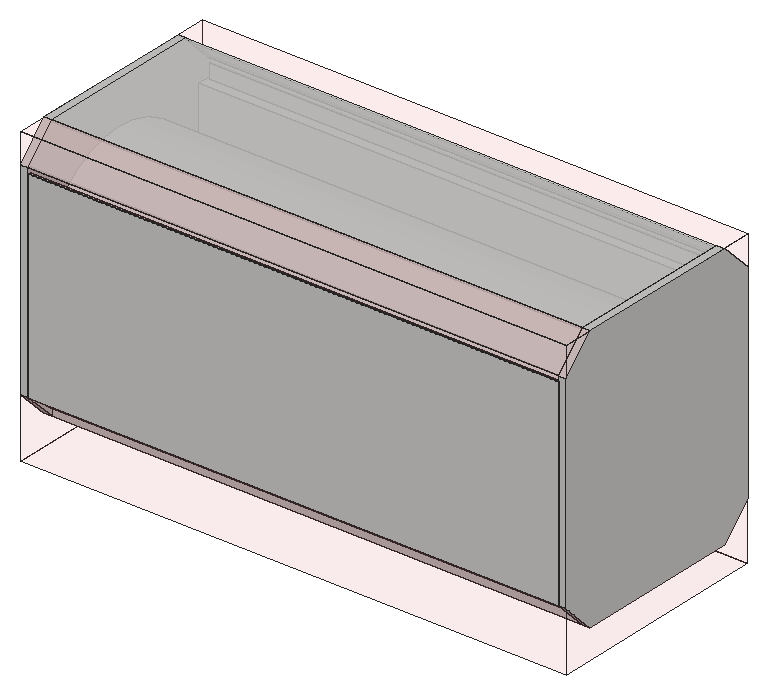
Revit family "Air-Curtain_Customer-Entry_PoweredAire_CED", category Mechanical Equipment, host Face, Revit 2018
Family settings
  Host = Face
  Round Connector Dimension = Use Diameter
  Part Type = Normal
  OmniClass Number = 23.75.35.17.21
  OmniClass Title = Air Curtains
  Cut with Voids When Loaded = No
  Shared = No
  Room Calculation Point = No
Parameters
  Warranty Duration (Years) = 0
  Unit Width Notes = "Other Widths available."  # constant formula
  Unit Width = 3' - 0"
  Unit Weight = 0
  Unit Height = 1' - 3"
  Unit Depth = 1' - 5 1/2"
  URL = "http://www.poweredaire.com/"
  Test Data = ""
  Temperature Rise_Range = "as Specified"
  Standards Conformance = "as Specified"
  Specification = "http://www.arcat.com/sdspecs/htm04/23_34_33pai.htm"
  SpecWizard = ""
  Sound Pressure = "as Specified"
  Sales Information = "http://www.poweredaire.com/contact_us"
  Revision = "R1_2016-08"
  Projection from Host [instance] = 0' - 2"
  Product Properties = ""
  Product Data = "http://www.arcat.com/arcatcos/cos47/arc47623.html"
  Power Rating = 0 W
  Outlet Volume_Range = "as Specified"
  Outlet Velocity_Range = "as Specified"
  Nozzle Width = if(1 = 1, Unit Width - 0' 1", 0' 0")  # 2' - 11"
  Mounting Width = if(1 = 1, Unit Width - 0' 0 15/16", 0' 0")  # 2' - 11 1/16"
  Mounting Height [instance] = 3' - 6"
  Motor RPM = 0
  Motor HP = 0
  Motor Count = 0
  Model = "As Specified"
  Max Height = 0' - 0"
  Manufacturer Website = "http://www.poweredaire.com/"
  Manufacturer Phone - Toll Free = "888-321-2473"
  Manufacturer Phone = "724-588-3305"
  Manufacturer Fax = "724-588-3371"
  Manufacturer Address = "109 Mortensen Rd.  Greenville, PA 16125"
  Manufacturer = "Powered Aire, Inc"
  Maintenance Schedule (Months) = 0
  Keynote = "23 34 33"
  Installation-Fabrication = ""
  Installation Phase = ""
  Include Clearance [instance] = yes
  Heating Element Load = 0 W
  HVAC_Temperature Rise [instance] = 0 °F
  HVAC_Outlet Volume [instance] = 0 CFM
  HVAC_Outlet Velocity Uniformity = 0
  HVAC_Outlet Velocity [instance] = 0 FPM
  Green Building-LEED = "http://www.arcat.com/green/clients/leed_data_47623.html"
  Front Grating Material [instance] = Metal - Steel - PoweredAire - Stainless 304 Perforated
  Frame Finish [instance] = Metal - Steel - PoweredAire - Stainless 304
  Expected Lifespan (Years) = 0
  Electrical_Wattage [instance] = Power Rating + Heating Element Load  # 0 W
  Electrical_Voltage [instance] = 0 V
  Electrical_Phase [instance] = 1
  Electrical_Frequency [instance] = 0 Hz
  Electrical_Amperage [instance] = 0 A
  Drawn By = "Sumex Design, Inc. / Robert S. Weygant, CSI, CDT, SCIP"
  Description = "Powered Aire Air Curtain as Specified"
  Default Elevation = 0' - 0"  # constant formula
  Copyright = "©Arcat Inc."
  Construction Details = "http://www.arcat.com/details/powair/prod3336.html"
  Clearance_Top [instance] = 0' - 0"
  Clearance_Side B [instance] = 0' - 0"
  Clearance_Side A [instance] = 0' - 0"
  Clearance_Intake [instance] = 0' - 0"
  Clearance_Bottom [instance] = 0' - 0"
  Clearance Material [instance] = ARCAT Clearance
  Building Codes = ""
  Available Options [instance] = "as Specified"
  Assembly Code = "D3090400"
Reference planes (in)
  plane 1 "Center (Elevation)": y = 0.13818
  plane 2: z = 0
  plane 3 "Center (Left/Right)": x = 0
  plane 4: y = 7.63818
  plane 5: y = -7.36182
  plane 6: x = -18
  plane 7: x = 18
  plane 8: z = 19.5
  plane 9 "FF": y = -41.86182
  plane 10: z = 2
  plane 11: x = 17.5
  plane 12: x = -17.5
  plane 13: y = 7.63818
  plane 14: y = -7.36182
  plane 15: x = -18
  plane 16: x = 18
  plane 17: z = 19.5
Forms (in)
  Extrusion 1, solid, material "Metal - Steel - PoweredAire - Stainless 304" <- "Frame Finish"
    sketch origin (0, 0, 0) x (0, 1, 0) y (0, 0, 1)
      loop
        line (5.69363, 2) -> (7.63818, 3.94454) -> (7.63818, 17.55546) -> (5.69363, 19.5) -> (-5.41728, 19.5) -> (-7.36182, 17.55546) -> (-7.36182, 3.94454) -> (-5.41728, 2) -> (5.69363, 2)
    from 17.5 to 18
  Extrusion 2, solid, material "Metal - Steel - PoweredAire - Stainless 304" <- "Frame Finish"
    sketch origin (0, 0, -0.5) x (0, 1, 0) y (0, 0, 1)
      loop
        circle (0.13818, 10.9739) r 6.25
      loop
        line (6.63818, 16.89427) -> (6.63818, 5.87829) -> (7.33849, 5.87829) -> (7.33849, 16.89427) -> (6.63818, 16.89427)
      loop
        line (-7.02798, 16.76927) -> (-7.02798, 5.75329) -> (-6.36182, 5.75329) -> (-6.36182, 16.76927) -> (-7.02798, 16.76927)
    from -17.5 to 17.5
  Extrusion 3, solid, material "Metal - Steel - PoweredAire - Stainless 304" <- "Frame Finish"
    sketch origin (0, 0, 0) x (0, 1, 0) y (0, 0, -1)
      loop
        line (5.69363, -2) -> (-5.41728, -2) -> (-7.36182, -3.94454) -> (-7.36182, -17.55546) -> (-5.41728, -19.5) -> (5.69363, -19.5) -> (7.63818, -17.55546) -> (7.63818, -3.94454) -> (5.69363, -2)
    from 17.5 to 18
  Extrusion 4, solid, material "Metal - Steel - PoweredAire - Stainless 304" <- "Frame Finish"
    sketch origin (0, 0, 0) x (0, 1, 0) y (0, 0, 1)
      loop
        line (-5.41728, 2) -> (5.69363, 2) -> (7.63818, 3.94454) -> (7.63818, 17.19454) -> (7.51318, 17.19454) -> (7.51318, 3.99632) -> (5.64186, 2.125) -> (-5.29228, 2.125) -> (-5.29228, 4.06954) -> (-7.23682, 4.06954) -> (-7.23682, 17.19454) -> (-7.36182, 17.19454) -> (-7.36182, 3.94454) -> (-5.41728, 3.94454) -> (-5.41728, 2)
      loop
        line (-6.64819, 3.61034) -> (-5.8702, 2.83235) -> (-5.74472, 2.95783) -> (-6.52271, 3.73583) -> (-6.64819, 3.61034)
    from -17.5 to 17.5
  Extrusion 5, solid, material "Metal - Steel - PoweredAire - Stainless 304 Perforated" <- "Front Grating Material"
    sketch origin (0, 0, 0) x (0, 1, 0) y (0, 0, 1)
      loop
        line (-7.36182, 17.19454) -> (-7.23682, 17.19454) -> (-7.23682, 17.50368) -> (-5.3655, 19.375) -> (5.64186, 19.375) -> (7.51318, 17.50368) -> (7.51318, 17.19454) -> (7.63818, 17.19454) -> (7.63818, 17.55546) -> (5.69363, 19.5) -> (-5.41728, 19.5) -> (-7.36182, 17.55546) -> (-7.36182, 17.19454)
    from -17.5 to 17.5
  Extrusion 6, solid, material "ARCAT Clearance" <- "Clearance Material", visible <- "Include Clearance"
    sketch origin (0, 0, 0) x (0, 1, 0) y (0, 0, 1)
      loop
        line (-7.36182, 19.5) -> (-7.36182, 0) -> (7.63818, 0) -> (7.63818, 19.5) -> (-7.36182, 19.5)
    from -18 to 18
Dimensions and locks (in)
  equal spacing: plane 4, plane 1 "Center (Elevation)", plane 5
  "Unit Height": plane 4 to plane 5
  equal spacing: plane 6, plane 3 "Center (Left/Right)", plane 7
  "Unit Width": plane 6 to plane 7
  "Mounting Height": plane 1 "Center (Elevation)" to plane 9 "FF"
  "Projection from Host": plane 10 to level
  "Unit Depth": plane 8 to plane 10
  locked: plane 6 to plane 12 at 0.5
  locked: plane 11 to plane 7 at 0.5
  "Clearance_Side A": plane 7 to plane 16
  "Clearance_Side B": plane 15 to plane 6
  "Clearance_Top": plane 13 to plane 4
  "Clearance_Bottom": plane 5 to plane 14
  "Clearance_Intake": plane 17 to plane 8
  aligned and locked: plane 2 to host face
  aligned and locked: level to host face
  aligned and locked: plane 7 to Extrusion 1
  aligned and locked: Extrusion 1 to plane 11
  aligned and locked: plane 12 to Extrusion 3
  aligned and locked: Extrusion 3 to plane 6
  aligned and locked: Extrusion 2 to plane 12
  aligned and locked: plane 11 to Extrusion 2
  aligned and locked: plane 11 to Extrusion 4
  aligned and locked: Extrusion 4 to plane 12
  aligned and locked: plane 11 to Extrusion 5
  aligned and locked: Extrusion 5 to plane 12
  aligned and locked: Extrusion 6 sketch curve to plane 17
  aligned and locked: plane 14 to Extrusion 6 sketch curve
  aligned and locked: level to Extrusion 6 sketch curve
  aligned and locked: Extrusion 6 sketch curve to plane 13
  aligned and locked: plane 16 to Extrusion 6
  aligned and locked: Extrusion 6 to plane 15
Automatic sketch dimensions
  host sketch curve to host sketch curve = 8' - 0"  (x2)
  Extrusion 1 sketch curve to plane 5 = 0' - 0"
  Extrusion 1 sketch curve to plane 8 = 0' - 0"
  Extrusion 1 sketch curve to plane 10 = 0' - 0"
  Extrusion 1 sketch curve to plane 4 = 0' - 0"
  plane 5 to Extrusion 1 sketch curve = 0' - 1.94454"  (x2)
  Extrusion 1 sketch curve to plane 4 = 0' - 1.94454"  (x2)
  plane 10 to Extrusion 1 sketch curve = 0' - 1.94454"  (x2)
  Extrusion 1 sketch curve to plane 8 = 0' - 1.94454"  (x2)
  Extrusion 2 sketch curve to plane 1 "Center (Elevation)" = 0' - 0"
  plane 5 to Extrusion 2 sketch curve = 0' - 1"
  plane 5 to Extrusion 2 sketch curve = 0' - 0.33384"
  Extrusion 2 sketch curve to plane 4 = 0' - 1"
  Extrusion 2 sketch curve to plane 4 = 0' - 0.29969"
  plane 10 to Extrusion 2 sketch curve = 0' - 3.37829"
  plane 10 to Extrusion 2 sketch curve = 0' - 3.25329"
  Extrusion 2 sketch curve to plane 8 = 0' - 9.0261"
  Extrusion 2 sketch curve to plane 8 = 0' - 3.23073"
  Extrusion 2 sketch curve to plane 8 = 0' - 3.10573"
  Extrusion 3 sketch curve to plane 5 = 0' - 0"
  Extrusion 3 sketch curve to plane 8 = 0' - 0"
  Extrusion 3 sketch curve to plane 10 = 0' - 0"
  Extrusion 3 sketch curve to plane 4 = 0' - 0"
  plane 5 to Extrusion 3 sketch curve = 0' - 1.94454"  (x2)
  Extrusion 3 sketch curve to plane 4 = 0' - 1.94454"  (x2)
  Extrusion 3 sketch curve to plane 8 = 0' - 1.94454"  (x2)
  plane 10 to Extrusion 3 sketch curve = 0' - 1.94454"  (x2)
  Extrusion 4 sketch curve to plane 5 = 0' - 0"
  Extrusion 4 sketch curve to plane 10 = 0' - 0"
  Extrusion 4 sketch curve to plane 4 = 0' - 0"
  plane 5 to Extrusion 4 sketch curve = 0' - 0 1/8"
  plane 5 to Extrusion 4 sketch curve = 0' - 0.71363"
  Extrusion 4 sketch curve to Extrusion 4 sketch curve = 0' - 0.12548"  (x2)
  Extrusion 4 sketch curve to Extrusion 4 sketch curve = 0' - 0.778"
  Extrusion 4 sketch curve to Extrusion 4 sketch curve = 0' - 0.32744"
  Extrusion 4 sketch curve to Extrusion 4 sketch curve = 0' - 0 1/8"  (x2)
  plane 10 to Extrusion 4 sketch curve = 0' - 0 1/8"
  Extrusion 4 sketch curve to plane 4 = 0' - 1.99632"
  Extrusion 4 sketch curve to Extrusion 4 sketch curve = 0' - 0.05178"  (x2)
  plane 10 to Extrusion 4 sketch curve = 0' - 0.83235"
  plane 10 to Extrusion 4 sketch curve = 0' - 1.94454"
  Extrusion 4 sketch curve to Extrusion 4 sketch curve = 0' - 0.3342"
  Extrusion 4 sketch curve to plane 4 = 0' - 0 1/8"
  Extrusion 4 sketch curve to plane 8 = 0' - 2.30546"  (x2)
  Extrusion 5 sketch curve to plane 5 = 0' - 0"
  Extrusion 5 sketch curve to plane 8 = 0' - 0"
  Extrusion 5 sketch curve to plane 4 = 0' - 0"
  plane 5 to Extrusion 5 sketch curve = 0' - 0 1/8"
  plane 5 to Extrusion 5 sketch curve = 0' - 1.94454"
  Extrusion 5 sketch curve to plane 8 = 0' - 0 1/8"
  Extrusion 5 sketch curve to Extrusion 5 sketch curve = 0' - 0.05178"  (x4)
  Extrusion 5 sketch curve to plane 4 = 0' - 1.99632"
  Extrusion 5 sketch curve to plane 8 = 0' - 1.94454"  (x2)
  Extrusion 5 sketch curve to Extrusion 5 sketch curve = 0' - 0 1/8"
  Extrusion 5 sketch curve to Extrusion 5 sketch curve = 0' - 0.30914"  (x2)
  radius of Extrusion 2 sketch curve = 0' - 6 1/4"
Connectors (in)
  electrical at (0, 7.63818, 10.56954), driven by "Electrical_Phase", driven by "Electrical_Voltage"
    settings: on Extrusion 4, index 1, voltage 0 V, apparent load 0 VA, apparent load phase1 0 VA, apparent load phase2 0 VA, apparent load phase3 0 VA, power factor 1, load classification "Motor", number of poles 1, system type 31, power factor state 1, is connector primary yes, connector utility no, sub classification motor no, connector description ""
